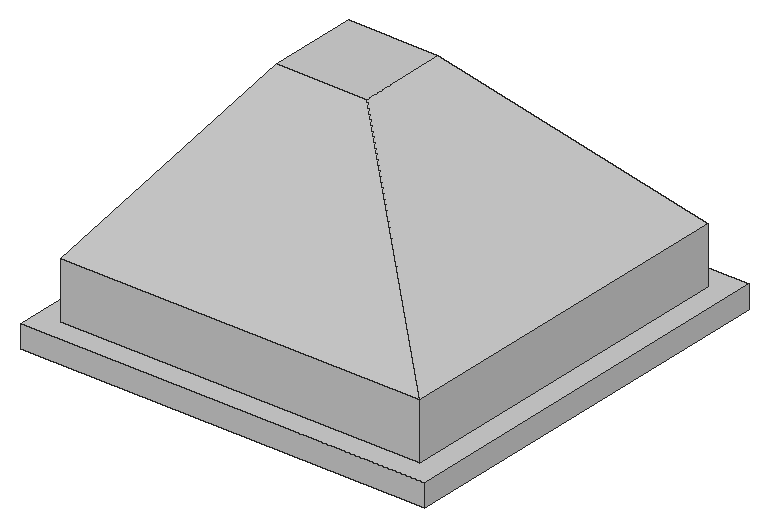
Revit family "BS_FM_Móng Đơn Lệch tâm góc", category Structural Foundations, Revit 2019
Family settings
  Material for Model Behavior = Other
  Cap = No
  OmniClass Number = 23.25.05.00
  OmniClass Title = Foundations
  Work Plane-Based = No
  Always vertical = Yes
  Cut with Voids When Loaded = No
  Shared = No
Parameters (values of type "1500x1500")
  h_BaoVe [instance] = 100 mm
  a1_BaoVe [instance] = 100 mm
  a4_BaoVe [instance] = 100 mm
  a3_BaoVe [instance] = 100 mm
  a2_BaoVe [instance] = 100 mm
  Width = RVS_ChieuRongMong  # 1600 mm
  URL = "https://www.facebook.com/HoangToi.Ks/"
  RVS_ChieuRongMong = 1600 mm
  RVS_ChieuDaiMong = 1600 mm
  RVS_BT_Mong = @BS-BeTongCotThep
  RVS_BT_LotMong = @BS-BeTong
  Model = "Hoàng Tới"
  Length = RVS_ChieuDaiMong  # 1600 mm
  L1 = 400 mm
  Học Revit KC : 0914.922.502 [instance] = "Zalo nhé :v"
  Foundation Thickness = H1 + H2  # 500 mm
  Description = "HT-Structural"
  1.Dài x Rộng Móng = ""
  H2 = 250 mm
  H1 = 250 mm
  3. Cổ Móng = ""
  2. Chiều Cao Móng = ""
  B1 = 400 mm
Reference planes
  plane 1: z = 0
  plane 2 "2": x = 920
  plane 3 "3": x = -680
  plane 4 "4": y = 320
  plane 5 "5": y = -880
  plane 6 "6": y = 720
  plane 7 "7": x = -280
  plane 8: z = -100
  plane 9: z = 250
  plane 10: z = 500
Forms (mm)
  Extrusion 1, solid, material "@BS-BeTongCotThep" <- "RVS_BT_Mong"
    sketch origin (0, 0, 0) x (1, 0, 0) y (0, 1, 0)
      loop
        line (-680, 720) -> (-680, -880) -> (920, -880) -> (920, 720) -> (-680, 720)
    from 0 to 250 <- "H1"
  Blend 2, solid, material "@BS-BeTongCotThep" <- "RVS_BT_Mong"
    base sketch origin (0, 0, 0) x (1, 0, 0) y (0, 1, 0)
      loop
        line (-680, 720) -> (-680, -880) -> (920, -880) -> (920, 720) -> (-680, 720)
    top sketch origin (0, 0, 0) x (1, 0, 0) y (0, 1, 0)
      loop
        line (-680, 720) -> (-680, 320) -> (-280, 320) -> (-280, 720) -> (-680, 720)
    from 250 <- "H1" to 500
  Extrusion 3, solid, material "@BS-BeTong" <- "RVS_BT_LotMong"
    sketch origin (0, 0, 0) x (1, 0, 0) y (0, 1, 0)
      loop
        line (1020, 820) -> (-780, 820) -> (-780, -980) -> (1020, -980) -> (1020, 820)
    from 0 to -100
Cuts and joins
  joined: Extrusion 1, Blend 2
Dimensions and locks
  "B1": plane 3 "3" to plane 7 "7"
  "L1": plane 4 "4" to plane 6 "6"
  "RVS_ChieuDaiMong": plane 5 "5" to plane 6 "6"
  "RVS_ChieuRongMong": plane 3 "3" to plane 2 "2"
  "a3_BaoVe": plane 2 "2" to Extrusion 3 sketch curve
  "a1_BaoVe": plane 6 "6" to Extrusion 3 sketch curve
  "a4_BaoVe": Extrusion 3 sketch curve to plane 3 "3"
  "a2_BaoVe": Extrusion 3 sketch curve to Extrusion 1
  "h_BaoVe": plane 8 to plane 1
  "H1": plane 1 to plane 9
  "H2": plane 9 to plane 10
  aligned and locked: plane 1 to level
  aligned and locked: Extrusion 1 to level
  aligned and locked: Blend 2 to Extrusion 1
  aligned and locked: level to Extrusion 3
  aligned and locked: plane 6 "6" to Extrusion 1 sketch curve
  aligned and locked: plane 3 "3" to Extrusion 1 sketch curve
  aligned and locked: Extrusion 1 sketch curve to plane 5 "5"
  aligned and locked: Extrusion 1 sketch curve to plane 2 "2"
  aligned and locked: Blend 2 sketch curve to Extrusion 1  (x4)
  aligned and locked: plane 6 "6" to Blend 2 sketch curve
  aligned and locked: Blend 2 sketch curve to plane 7 "7"
  aligned and locked: Blend 2 sketch curve to plane 4 "4"
  aligned and locked: plane 3 "3" to Blend 2 sketch curve
  aligned and locked: Extrusion 3 to plane 8
  aligned and locked: plane 1 to Extrusion 3
  aligned and locked: cut or joined group of Extrusion 1, Blend 2 to plane 9
  aligned and locked: plane 10 to cut or joined group of Extrusion 1, Blend 2
